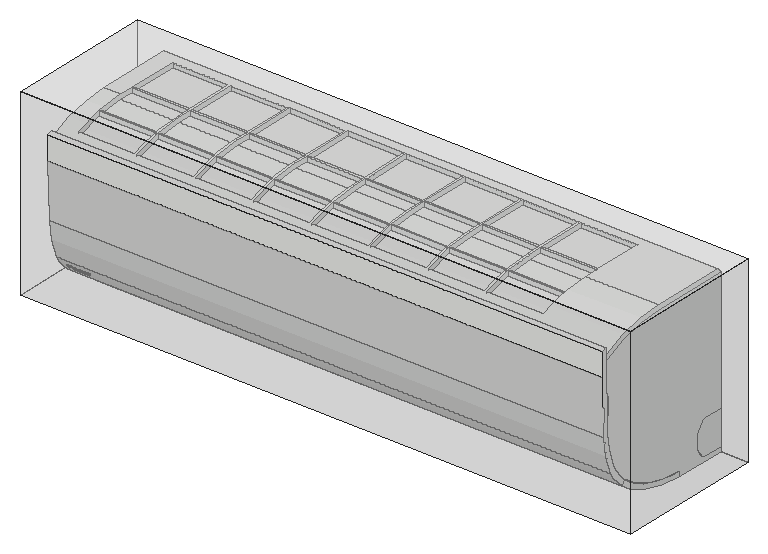
Revit family "outputfile", category 機械設備, Revit 2024
Family settings
  丸型コネクタ寸法 = 半径を使用
  パーツ タイプ = 標準
  OmniClass 番号 = 23.75.10.24.21.27.27
  OmniClass タイトル = Split System Air Conditioning Units
  作業面ベース = いいえ
  常に垂直 = はい
  ロード時にボイドで切り取り = いいえ
  注釈の向きを維持 = いいえ
  共有 = いいえ
  部屋計算ポイント = いいえ
Parameters (values of type "CTXM71RVMV")
  Description = ""
  書き出し IFC クラス(タイプ) = "IfcUnitaryEquipmentType"
  定義済み IFC タイプ(タイプ) = "AIRCONDITIONINGUNIT"
  Cost = 0
  Type Comments = ""
  Keynote = ""
  Type Image = (empty or 0)
  Assembly Code = ""
  w_wall hole = if(Width = 770.0 mm, 48.0 mm, 60.0 mm)  # 60.0 mm
  製造元 = "Daikin"
  モデル = "CTXM71RVMV"
  switch_frequency = yes
  r_Liquid Pipe Size = Liquid Pipe Size / 2  # 3.2 mm
  r_Gas Pipe Size = Gas Pipe Size / 2  # 7.95 mm
  r_Drain Pipe Size = Drain Pipe Size / 2  # 8.0 mm
  lw_powersupply [instance] = if(Width = 770.0 mm, if(or(Rear Right Connection_refrigerant, Bottom Right Connection_refrigerant), 25.0 mm, if(or(Rear Left Connection_refrigerant, Bottom Left Connection_refrigerant), 745.0 mm, 400.0 mm)), if(Width = 990.0 mm, if(or(Rear Right Connection_refrigerant, Bottom Right Connection_refrigerant), 40.0 mm, if(or(Rear Left Connection_refrigerant, Bottom Left Connection_refrigerant), 920.0 mm, 400.0 mm)), if(or(Rear Right Connection_refrigerant, Bottom Right Connection_refrigerant), 40.0 mm, if(or(Rear Left Connection_refrigerant, Bottom Left Connection_refrigerant), 920.0 mm, 400.0 mm))))  # 400.0 mm
  lw_liquidpipe [instance] = if(Width = 770.0 mm, if(or(Rear Right Connection_refrigerant, Bottom Right Connection_refrigerant), 0.0 mm, if(or(Rear Left Connection_refrigerant, Bottom Left Connection_refrigerant), 664.0 mm, 385.0 mm)), if(Width = 990.0 mm, if(or(Rear Right Connection_refrigerant, Bottom Right Connection_refrigerant), 0.0 mm, if(or(Rear Left Connection_refrigerant, Bottom Left Connection_refrigerant), 664.0 mm + (990.0 mm - 770.0 mm), 475.0 mm)), if(or(Rear Right Connection_refrigerant, Bottom Right Connection_refrigerant), 0.0 mm, if(or(Rear Left Connection_refrigerant, Bottom Left Connection_refrigerant), 664.0 mm + (990.0 mm - 770.0 mm), 475.0 mm))))  # 475.0 mm
  lw_gaspipe [instance] = if(Width = 770.0 mm, if(or(Rear Right Connection_refrigerant, Bottom Right Connection_refrigerant), 0.0 mm, if(or(Rear Left Connection_refrigerant, Bottom Left Connection_refrigerant), 675.0 mm, if(Gas Pipe Size = 12.7 mm, 345.0 mm, 335.0 mm))), if(Width = 990.0 mm, if(or(Rear Right Connection_refrigerant, Bottom Right Connection_refrigerant), 10.0 mm, if(or(Rear Left Connection_refrigerant, Bottom Left Connection_refrigerant), 890.0 mm, if(Gas Pipe Size = 15.9 mm, 410.0 mm, 400.0 mm))), if(or(Rear Right Connection_refrigerant, Bottom Right Connection_refrigerant), 10.0 mm, if(or(Rear Left Connection_refrigerant, Bottom Left Connection_refrigerant), 890.0 mm, if(Gas Pipe Size = 15.9 mm, 410.0 mm, 400.0 mm)))))  # 410.0 mm
  lw_drainpipe [instance] = if(Width = 770.0 mm, if(or(Rear Right Connection_refrigerant, Bottom Right Connection_refrigerant), 0.0 mm, if(or(Rear Left Connection_refrigerant, Bottom Left Connection_refrigerant), 770.0 mm - 48.0 mm - 48.0 mm, 440.0 mm)), if(Width = 990.0 mm, if(or(Rear Right Connection_refrigerant, Bottom Right Connection_refrigerant), 0.0 mm, if(or(Rear Left Connection_refrigerant, Bottom Left Connection_refrigerant), 675.0 mm + (990.0 mm - 770.0 mm), 435.0 mm)), if(or(Rear Right Connection_refrigerant, Bottom Right Connection_refrigerant), 0.0 mm, if(or(Rear Left Connection_refrigerant, Bottom Left Connection_refrigerant), 675.0 mm + (990.0 mm - 770.0 mm), 435.0 mm))))  # 435.0 mm
  l_powersupply_length [instance] = if(Width = 770.0 mm, if(Right Connection_refrigerant, 400.0 mm, if(Left Connection_refrigerant, 770.0 mm - 400.0 mm, if(or(Rear Left Connection_refrigerant, Rear Right Connection_refrigerant), 15.0 mm, 50.0 mm))), if(Width = 990.0 mm, if(Right Connection_refrigerant, 400.0 mm, if(Left Connection_refrigerant, 990.0 mm - 400.0 mm, if(or(Rear Left Connection_refrigerant, Rear Right Connection_refrigerant), 15.0 mm, 50.0 mm))), if(Right Connection_refrigerant, 400.0 mm, if(Left Connection_refrigerant, 990.0 mm - 400.0 mm, if(or(Rear Left Connection_refrigerant, Rear Right Connection_refrigerant), 15.0 mm, 50.0 mm)))))  # 400.0 mm
  l_liquidpipe_length [instance] = if(Width = 770.0 mm, if(Right Connection_refrigerant, 433.0 mm, if(Left Connection_refrigerant, 337.0 mm, if(or(Rear Left Connection_refrigerant, Rear Right Connection_refrigerant), 30.0 mm, 40.0 mm))), if(Width = 990.0 mm, if(Right Connection_refrigerant, 535.0 mm, if(Left Connection_refrigerant, 455.0 mm, if(or(Rear Left Connection_refrigerant, Rear Right Connection_refrigerant), 30.0 mm, 40.0 mm))), if(Right Connection_refrigerant, 535.0 mm, if(Left Connection_refrigerant, 455.0 mm, if(or(Rear Left Connection_refrigerant, Rear Right Connection_refrigerant), 30.0 mm, 40.0 mm)))))  # 535.0 mm
  l_gaspipe_length [instance] = if(Width = 770.0 mm, if(Right Connection_refrigerant, if(Gas Pipe Size = 12.7 mm, 393.0 mm, 383.0 mm), if(Left Connection_refrigerant, if(Gas Pipe Size = 12.7 mm, 770.0 mm - 393.0 mm, 770.0 mm - 383.0 mm), if(or(Rear Left Connection_refrigerant, Rear Right Connection_refrigerant), 40.0 mm, 50.0 mm))), if(Width = 990.0 mm, if(Right Connection_refrigerant, if(Gas Pipe Size = 15.9 mm, 470.0 mm, 460.0 mm), if(Left Connection_refrigerant, if(Gas Pipe Size = 15.9 mm, 990.0 mm - 470.0 mm, 990.0 mm - 460.0 mm), if(or(Rear Left Connection_refrigerant, Rear Right Connection_refrigerant), 40.0 mm, 50.0 mm))), if(Right Connection_refrigerant, if(Gas Pipe Size = 15.9 mm, 470.0 mm, 460.0 mm), if(Left Connection_refrigerant, if(Gas Pipe Size = 15.9 mm, 990.0 mm - 470.0 mm, 990.0 mm - 460.0 mm), if(or(Rear Left Connection_refrigerant, Rear Right Connection_refrigerant), 40.0 mm, 50.0 mm)))))  # 470.0 mm
  l_drainpipe_length [instance] = if(Width = 770.0 mm, if(Right Connection_refrigerant, 488.0 mm, if(Left Connection_refrigerant, 282.0 mm, if(or(Rear Left Connection_refrigerant, Rear Right Connection_refrigerant), 15.0 mm, 20.0 mm))), if(Width = 990.0 mm, if(Right Connection_refrigerant, 495.0 mm, if(Left Connection_refrigerant, 495.0 mm, if(or(Rear Left Connection_refrigerant, Rear Right Connection_refrigerant), 15.0 mm, 20.0 mm))), if(Right Connection_refrigerant, 495.0 mm, if(Left Connection_refrigerant, 495.0 mm, if(or(Rear Left Connection_refrigerant, Rear Right Connection_refrigerant), 15.0 mm, 20.0 mm)))))  # 495.0 mm
  h*** = 0.0 mm  # constant formula
  connector_voltage = Voltage_50Hz  # 230 V
  connector_powerinput = if([Power Input (Cooling)] > [Power Input (Heating)], [Power Input (Cooling)], [Power Input (Heating)])  # 0.000 kW
  connector_phase = Phase_50Hz  # 1
  angle_vertical [instance] = if(or(Bottom Left Connection_refrigerant, Bottom Right Connection_refrigerant), 0.00°, 90.00°)  # 90.00°
  angle_horizontal [instance] = if(Right Connection_refrigerant, 90.00°, if(Left Connection_refrigerant, -90.00°, if(or(Rear Left Connection_refrigerant, Rear Right Connection_refrigerant), 180.00°, 0.00°)))  # 90.00°
  Width = 990.0 mm
  Voltage_comment_50Hz = "220 - 240"
  Voltage_50Hz = 230 V
  Version = "ver.1.0"
  Unit Type = "Wall Mounted"
  Unit Mass Weight = 13.00 kg
  Unit Designation [instance] = ""
  Uniclass2015Version = "Products v1.30"
  Uniclass2015Title = "Split coil room air conditioning units"
  Uniclass2015Code = "Pr_70_65_03_86"
  URL = ""
  Total Heating Capacity [instance] = 0.000 kW
  Total Cooling Capacity [instance] = 0.000 kW
  Sound Pressure Level_M speed (dBA) = 45
  Sound Pressure Level_L speed (dBA) = 37
  Sound Pressure Level_H speed (dBA) = 49
  Sound Power Level_H speed (dB) = 0
  Series = "Multi Split_Fan Coil Unit"
  Sensible Cooling Capacity [instance] = 0.000 kW
  Refrigerant Type = "R32"
  Power Input (Heating) = 0.000 kW
  Power Input (Cooling) = 0.000 kW
  Phase_50Hz = 1
  Option Accessory 3 [instance] = ""
  Option Accessory 2 [instance] = ""
  Option Accessory 1 [instance] = ""
  Nominal Heating Capacity = 8.600 kW
  Nominal Cooling Capacity = 7.100 kW
  Minimum Circuit Amps_50Hz = 0.0 A
  Minimum Airflow = 798.00 m³/h
  Median Airflow = 1010.00 m³/h
  Maximum Fuse Amps_50Hz = 0.0 A
  Maximum Airflow = 1200.00 m³/h
  Material_Casing = DAIKIN_White_Casing_indoorunit
  Load Classification = HVAC
  Liquid Pipe Size = 6.4 mm
  Link_Nested Family [instance] = ""
  IfcVersion = ""
  IfcExportType = "AIRCONDITIONINGUNIT"
  IfcExportAs = "IfcUnitaryEquipmentType"
  Height = 295.0 mm
  Heating Entering Wet Bulb Temperature [instance] = 0.00 °C
  Heating Entering Dry Bulb Temperature [instance] = 0.00 °C
  Heating Ambient Wet Bulb Temperature [instance] = 0.00 °C
  Heating Ambient Dry Bulb Temperature [instance] = 0.00 °C
  Heat Exchanger Type = "Cross Fin Coil"
  Gas Pipe Size = 15.9 mm
  Frequency_50Hz = 50 Hz
  Fan Type = "Cross Flow Fan"
  Fan Drive = "Direct Drive"
  FCU Tag No. [instance] = ""
  Drain Pipe Size = 16.0 mm
  Design Supply Airflow [instance] = 0.00 m³/h
  Depth = 263.0 mm
  既定の高さ = 0.0 mm
  Cooling Entering Wet Bulb Temperature [instance] = 0.00 °C
  Cooling Entering Dry Bulb Temperature [instance] = 0.00 °C
  Cooling Ambient Wet Bulb Temperature [instance] = 0.00 °C
  Cooling Ambient Dry Bulb Temperature [instance] = 0.00 °C
  Clearance visibility [instance] = yes
  Clearance Top = 30.0 mm
  Clearance Right = 50.0 mm
  Clearance Rear = 0.0 mm
  Clearance Left = 50.0 mm
  Clearance Front = 0.0 mm
  Clearance Bottom = 0.0 mm
  Bottom Right Connection_refrigerant [instance] = no
  Bottom Left Connection_refrigerant [instance] = no
  Rear Right Connection_refrigerant [instance] = no
  Rear Left Connection_refrigerant [instance] = no
  Right Connection_refrigerant [instance] = yes
  Left Connection_refrigerant [instance] = no
Reference planes
  plane 1 "Back": y = 0
  plane 2: z = 0
  plane 3 "Center (Left/Right)": x = 0
  plane 4 "Center (Front/Back)": y = -131.5
  plane 5 "Front": y = -263
  plane 6 "Left": x = -495
  plane 7 "Right": x = 495
  plane 8 "Top": z = 0
  plane 9 "Bottom": z = -295
  plane 10: x = -545
  plane 11: x = 545
  plane 12: y = 0
  plane 13: y = -263
  plane 14: z = 30
  plane 15: z = -295
  plane 16 "lw_Piping and Wiring intake": x = 435
  plane 17 "lw_gaspipe": x = 25
  plane 18 "lw_liquidpipe": x = -40
  plane 19 "lw_drainpipe": x = 0
  plane 20 "lh_drainpipe": z = -275
  plane 21 "lh_liquidpipe": z = -255
  plane 22 "lh_gaspipe": z = -245
  plane 23 "ld_drainpipe": y = -15
  plane 24 "ld_liquidpipe": y = -30
  plane 25 "ld_gaspipe": y = -40
  plane 26 "lw_powersupply": x = 95
Dimensions and locks
  equal spacing: plane 6 "Left", plane 3 "Center (Left/Right)", plane 7 "Right"
  "Width": plane 6 "Left" to plane 7 "Right"
  equal spacing: plane 5 "Front", plane 4 "Center (Front/Back)", plane 1 "Back"
  "Depth": plane 5 "Front" to plane 1 "Back"
  "Height": plane 8 "Top" to plane 9 "Bottom"
  "Clearance Rear": plane 12 to plane 1 "Back"
  "Clearance Front": plane 13 to plane 5 "Front"
  "Clearance Top": plane 14 to plane 8 "Top"
  "Clearance Bottom": plane 9 "Bottom" to plane 15
  "w_wall hole": plane 16 "lw_Piping and Wiring intake" to plane 7 "Right"
  "lw_gaspipe": plane 17 "lw_gaspipe" to plane 16 "lw_Piping and Wiring intake"
  "lw_liquidpipe": plane 18 "lw_liquidpipe" to plane 16 "lw_Piping and Wiring intake"
  "lw_drainpipe": plane 19 "lw_drainpipe" to plane 16 "lw_Piping and Wiring intake"
  locked: plane 20 "lh_drainpipe" to plane 9 "Bottom" at 20
  locked: plane 21 "lh_liquidpipe" to plane 9 "Bottom" at 40
  locked: plane 22 "lh_gaspipe" to plane 9 "Bottom" at 50
  locked: plane 23 "ld_drainpipe" to plane 1 "Back" at 15
  locked: plane 1 "Back" to plane 24 "ld_liquidpipe" at 30
  locked: plane 1 "Back" to plane 25 "ld_gaspipe" at 40
  "lw_powersupply": plane 26 "lw_powersupply" to plane 7 "Right"
  "Clearance Left": plane 10 to plane 6 "Left"
  "Clearance Right": plane 7 "Right" to plane 11
  aligned and locked: level to plane 2
  aligned and locked: plane 12 to nested 1
  aligned and locked: nested 1 to plane 13
  aligned and locked: plane 10 to nested 1
  aligned and locked: plane 11 to nested 1
  aligned and locked: plane 15 to nested 1
  aligned and locked: plane 14 to nested 1
  aligned and locked: plane 17 "lw_gaspipe" to nested 2
  aligned and locked: nested 2 to plane 25 "ld_gaspipe"
  aligned and locked: plane 18 "lw_liquidpipe" to nested 3
  aligned and locked: nested 3 to plane 24 "ld_liquidpipe"
  aligned and locked: plane 19 "lw_drainpipe" to nested 4
  aligned and locked: nested 4 to plane 23 "ld_drainpipe"
  aligned and locked: nested 5 to plane 23 "ld_drainpipe"
  aligned and locked: plane 26 "lw_powersupply" to nested 5
  aligned and locked: level to plane 8 "Top"
  aligned and locked: plane 3 "Center (Left/Right)" to nested 6
  aligned and locked: plane 1 "Back" to nested 6
  aligned and locked: plane 8 "Top" to nested 6
Nested families
  nested 1: "daikin_clearancespace" at (0, -131.5, -132.381), show <- "Clearance visibility", visible <- "Clearance visibility", Link_Nested Family <- "Link_Nested Family", type "daikin_clearancespace"
    with width 1090.0 mm, show yes, height 325.0 mm, depth 263.0 mm, Link_Nested Family ""
  nested 2: "daikin_connector_rotate3" at (25, -40, -245), angle_vertical <- "angle_vertical", angle_horizontal <- "angle_horizontal", length <- "l_gaspipe_length", radius <- "r_Gas Pipe Size", type "daikin_connector_rotate3"
    with show no, radius 7.95 mm, length 470.0 mm, angle_vertical 90.00°, angle_horizontal 90.00°
  nested 3: "daikin_connector_rotate3" at (-40, -30, -255), angle_vertical <- "angle_vertical", angle_horizontal <- "angle_horizontal", radius <- "r_Liquid Pipe Size", length <- "l_liquidpipe_length", type "daikin_connector_rotate3"
    with show no, radius 3.2 mm, length 535.0 mm, angle_vertical 90.00°, angle_horizontal 90.00°
  nested 4: "daikin_connector_rotate3" at (0, -15, -275), angle_vertical <- "angle_vertical", angle_horizontal <- "angle_horizontal", length <- "l_drainpipe_length", radius <- "r_Drain Pipe Size", type "daikin_connector_rotate3"
    with show no, radius 8.0 mm, length 495.0 mm, angle_vertical 90.00°, angle_horizontal 90.00°
  nested 5: "daikin_connector_rotate3" at (95, -15, -245), angle_vertical <- "angle_vertical", angle_horizontal <- "angle_horizontal", length <- "l_powersupply_length", type "daikin_connector_rotate3"
    with show no, radius 10.0 mm, length 400.0 mm, angle_vertical 90.00°, angle_horizontal 90.00°
  nested 6: "DAIKIN_indoorunit_CTXM-RVMV" at (-31, 0, 0), type "CTXM-RVMV"
    with switch_unit1_50-71 yes, switch_unit1_25-35 no, Width 990.0 mm, WALL HOLE-R 60.0 mm, WALL HOLE Size 80.0 mm, Height 295.0 mm
Connectors
  piping at (495, -40, -245), diameter 15.9, driven by "r_Gas Pipe Size"
    settings: on nested 2, index 1, connector inside diameter 609.6 mm, connector length 0.0 mm, flow factor 0, pipe flow 0.00 m³/h, pressure drop 0.0 Pa, fitting loss kfactor 0, connector angle 0.00°, fixture units 0, engagement length 0.0 mm, angle of deflection 0.00°, flow configuration 1, flow direction 2, fitting loss method 0, system type 29, joint type 0, gender type 0, connector reference index -1, connector utility 0, adjustable connector no, is connector primary yes, connector description "Refrigerant Gas Piping"
  piping at (495, -30, -255), diameter 6.4, driven by "r_Liquid Pipe Size"
    settings: on nested 3, index 2, connector inside diameter 609.6 mm, connector length 0.0 mm, flow factor 0, pipe flow 0.00 m³/h, pressure drop 0.0 Pa, fitting loss kfactor 0, connector angle 0.00°, fixture units 0, engagement length 0.0 mm, angle of deflection 0.00°, flow configuration 1, flow direction 1, fitting loss method 0, system type 29, joint type 0, gender type 0, connector reference index -1, connector utility 0, adjustable connector no, is connector primary no, connector description "Refrigerant Liquid Piping"
  piping at (495, -15, -275), diameter 16, driven by "r_Drain Pipe Size"
    settings: on nested 4, index 3, connector inside diameter 609.6 mm, connector length 0.0 mm, flow factor 0, pipe flow 0.00 m³/h, pressure drop 0.0 Pa, fitting loss kfactor 0, connector angle 0.00°, fixture units 0, engagement length 0.0 mm, angle of deflection 0.00°, flow configuration 1, flow direction 2, fitting loss method 4, system type 16, joint type 0, gender type 0, connector reference index -1, connector utility 0, adjustable connector no, is connector primary no, connector description "Condensate Drain Piping"
  electrical at (495, -15, -245), driven by "Load Classification", driven by "connector_voltage", driven by "connector_powerinput", driven by "connector_phase"
    settings: on nested 5, index 4, voltage 230 V, apparent load 0 VA, apparent load phase1 0 VA, apparent load phase2 0 VA, apparent load phase3 0 VA, power factor 1, load classification "HVAC", number of poles 1, system type 30, power factor state 1, is connector primary yes, connector utility no, sub classification motor no, connector description "Power Supply"
Definition of nested family "daikin_clearancespace"
  Parameters (values of type "daikin_clearancespace")
    Description = "daikin_clearancespace"
    width [instance] = 1823.963 mm
    show [instance] = yes
    material = none
    height [instance] = 1359.762 mm
    depth [instance] = 880.0 mm
    Default Elevation = 0.0 mm
    Link_Nested Family [instance] = ""
  Reference planes
    plane 1 "Center (Front/Back)": y = 0
    plane 2 "Center (Elevation)": z = -0.119
    plane 3 "Center (Left/Right)": x = 0
    plane 4: y = 440
    plane 5: y = -440
    plane 6 "Right": x = 911.982
    plane 7 "Left": x = -911.982
    plane 8 "Top": z = 679.762
    plane 9 "Bottom": z = -680
  Forms (mm)
    Extrusion 1, solid, material <- "material", visible <- "show"
      sketch origin (0, 0, 0) x (1, 0, 0) y (0, 1, 0)
        loop
          line (-911.982, 440) -> (-911.982, -440) -> (911.982, -440) -> (911.982, 440) -> (-911.982, 440)
      from -680 to 679.762
  Lines and regions (mm)
    symbolic lines, visible <- "show"
      curve 1: line (911.982, 440, 0) -> (-911.982, 440, 0)
      curve 2: line (-911.982, 440, 0) -> (-911.982, -440, 0)
      curve 3: line (-911.982, -440, 0) -> (911.982, -440, 0)
      curve 4: line (911.982, -440, 0) -> (911.982, 440, 0)
      curve 5: line (911.982, 0, 679.762) -> (-911.982, 0, 679.762)
      curve 6: line (911.982, 0, -680) -> (911.982, 0, 679.762)
      curve 7: line (-911.982, 0, -680) -> (911.982, 0, -680)
      curve 8: line (-911.982, 0, 679.762) -> (-911.982, 0, -680)
      curve 9: line (0, 440, 679.762) -> (0, -440, 679.762)
      curve 10: line (0, -440, 679.762) -> (0, -440, -680)
      curve 11: line (0, 440, -680) -> (0, 440, 679.762)
      curve 12: line (0, -440, -680) -> (0, 440, -680)
  Dimensions and locks
    "width": plane 7 "Left" to plane 6 "Right"
    "depth": plane 4 to plane 5
    "height": plane 8 "Top" to plane 9 "Bottom"
    equal spacing: plane 7 "Left", plane 3 "Center (Left/Right)", plane 6 "Right"
    equal spacing: plane 4, plane 1 "Center (Front/Back)", plane 5
    equal spacing: plane 8 "Top", plane 2 "Center (Elevation)", plane 9 "Bottom"
    aligned and locked: level to plane 2 "Center (Elevation)"
    aligned and locked: Extrusion 1 sketch curve to plane 4
    aligned and locked: plane 7 "Left" to Extrusion 1 sketch curve
    aligned and locked: Extrusion 1 sketch curve to plane 5
    aligned and locked: Extrusion 1 sketch curve to plane 6 "Right"
    aligned and locked: plane 8 "Top" to Extrusion 1
    aligned and locked: curve 1 to Extrusion 1
    aligned and locked: curve 2 to Extrusion 1
    aligned and locked: curve 3 to Extrusion 1
    aligned and locked: curve 4 to Extrusion 1
    aligned and locked: curve 5 to Extrusion 1
    aligned and locked: curve 6 to Extrusion 1
    aligned and locked: curve 7 to Extrusion 1
    aligned and locked: curve 8 to Extrusion 1
    aligned and locked: curve 9 to Extrusion 1
    aligned and locked: curve 10 to Extrusion 1
    aligned and locked: curve 11 to Extrusion 1
    aligned and locked: curve 12 to Extrusion 1
    aligned and locked: Extrusion 1 to plane 9 "Bottom"
Definition of nested family "DAIKIN_indoorunit_CTXM-RVMV"
  Parameters (values of type "CTKM-RVMV")
    switch_unit1_50-71 = Width = 990.0 mm  # no
    switch_unit1_25-35 = Width = 770.0 mm  # yes
    Width = 770.0 mm
    WALL HOLE-R = if(Width = 770.0 mm, 48.0 mm, 60.0 mm)  # 48.0 mm
    WALL HOLE Size = if(Width = 770.0 mm, 65.0 mm, 80.0 mm)  # 65.0 mm
    Material_Casing = none
    Height = if(Width = 770.0 mm, 285.0 mm, 295.0 mm)  # 285.0 mm
    Default Elevation = 0.0 mm
  Reference planes
    plane 1 "Center (Front/Back)": y = 0
    plane 2 "reference_level": z = 0
    plane 3 "Center (Left/Right)": x = 31
    plane 4: x = -354
    plane 5: x = 416
    plane 6: z = -285
  Forms (mm)
    Extrusion 1, solid, material <- "Material_Casing", visible <- "switch_unit1_25-35"
      sketch origin (29, 0, 0) x (0, 1, 0) y (0, 0, 1)
        loop
          line (-5, 0) -> (-98, 0)
          arc (-98, 0) -> (-157.611, -7.211) -> (-213.783, -28.427) r 250
          arc (-213.783, -28.427) -> (-213.842, -32.972) -> (-213.892, -37.516) r 2191
          arc (-213.892, -37.516) -> (-157.832, -15.495) -> (-98.07, -8) r 242
          line (-98.07, -8) -> (0, -8) -> (-5, 0)
      from -383 to 387
    Extrusion 2, solid, material <- "Material_Casing", visible <- "switch_unit1_25-35"
      sketch origin (416, 1296.25, 1200) x (0, 1, 0) y (0, 0, 1)
        loop
          line (-1472.998, -1446.91) -> (-1476.998, -1453.839)
          arc (-1476.998, -1453.839) -> (-1437.481, -1472.422) -> (-1395.25, -1483.538) r 240
          line (-1395.25, -1483.538) -> (-1395.25, -1475.422)
          arc (-1395.25, -1475.422) -> (-1435.407, -1464.663) -> (-1472.998, -1446.91) r 232
      from 0 to -47.5
    Extrusion 3, solid, material <- "Material_Casing", visible <- "switch_unit1_25-35"
      sketch origin (29, 0, 0) x (0, 1, 0) y (0, 0, 1)
        loop
          arc (-223, -60.455) -> (-222.414, -110.646) -> (-220.656, -160.81) r 2149.92
          arc (-220.656, -160.81) -> (-219.65, -174.299) -> (-217.853, -187.706) r 229.911
          arc (-217.853, -187.706) -> (-205.371, -223.594) -> (-181.517, -253.17) r 111
          line (-181.517, -253.17) -> (-177.429, -246.093)
          arc (-177.429, -246.093) -> (-198.77, -218.989) -> (-209.965, -186.36) r 103
          arc (-209.965, -186.36) -> (-211.681, -173.586) -> (-212.651, -160.735) r 221.844
          arc (-212.651, -160.735) -> (-214.739, -93.233) -> (-214.74, -25.699) r 2186.828
          arc (-214.74, -25.699) -> (-214.671, -21.467) -> (-214.594, -17.235) r 2192
          line (-214.594, -17.235) -> (-223, -19.961) -> (-223, -60.455)
      from -383 to 387
    Extrusion 4, solid, material <- "Material_Casing", visible <- "switch_unit1_25-35"
      sketch origin (29, 0, -20) x (0, 1, 0) y (0, 0, 1)
        loop
          line (0, -265) -> (0, 12) -> (-98.07, 12)
          arc (-98.07, 12) -> (-157.832, 4.505) -> (-213.892, -17.516) r 242
          arc (-213.892, -17.516) -> (-213.638, -79.114) -> (-211.653, -140.681) r 2191
          arc (-211.653, -140.681) -> (-210.685, -153.501) -> (-208.973, -166.243) r 221
          arc (-208.973, -166.243) -> (-197.471, -199.282) -> (-175.482, -226.491) r 102
          arc (-175.482, -226.491) -> (-138.004, -244.019) -> (-98, -254.579) r 231
          line (-98, -254.579) -> (-98, -265) -> (0, -265)
      from -383 to 387
    Extrusion 5, solid, material <- "Material_Casing", visible <- "switch_unit1_25-35"
      sketch origin (-354, 1296.25, 1200) x (0, 1, 0) y (0, 0, 1)
        loop
          line (-1472.998, -1446.91) -> (-1476.998, -1453.839)
          arc (-1476.998, -1453.839) -> (-1437.481, -1472.422) -> (-1395.25, -1483.538) r 240
          line (-1395.25, -1483.538) -> (-1395.25, -1475.422)
          arc (-1395.25, -1475.422) -> (-1435.407, -1464.663) -> (-1472.998, -1446.91) r 232
      from 47 to 0
    Extrusion 6, solid, material <- "Material_Casing", visible <- "switch_unit1_25-35"
      sketch origin (416, 1296.25, 1200) x (0, 1, 0) y (0, 0, 1)
        loop
          line (-1472.998, -1446.91) -> (-1476.998, -1453.839)
          arc (-1476.998, -1453.839) -> (-1443.437, -1470.168) -> (-1407.75, -1481.097) r 240
          line (-1407.75, -1481.097) -> (-1407.75, -1472.894)
          arc (-1407.75, -1472.894) -> (-1441.363, -1462.385) -> (-1472.998, -1446.91) r 232
      from -116.993 to -48.493
    Extrusion 7, solid, material <- "Material_Casing", visible <- "switch_unit1_25-35"
      sketch origin (416, 1296.25, 1200) x (0, 1, 0) y (0, 0, 1)
        loop
          line (-1472.998, -1446.91) -> (-1476.998, -1453.839)
          arc (-1476.998, -1453.839) -> (-1443.437, -1470.168) -> (-1407.75, -1481.097) r 240
          line (-1407.75, -1481.097) -> (-1407.75, -1472.894)
          arc (-1407.75, -1472.894) -> (-1441.363, -1462.385) -> (-1472.998, -1446.91) r 232
      from -717 to -121.993
    Extrusion 8, void
      sketch origin (31, 0, -235) x (1, 0, 0) y (0, 1, 0)
        loop
          line (-252.674, -22.316) -> (-354.941, -22.316) -> (-354.941, -91.341) -> (-252.674, -91.341) -> (-252.674, -22.316)
        loop
          line (-249.341, -91.341) -> (-151.574, -91.341) -> (-151.574, -22.316) -> (-249.341, -22.316) -> (-249.341, -91.341)
        loop
          line (58.309, -22.316) -> (-148.309, -22.316) -> (-148.309, -91.341) -> (58.309, -91.341) -> (58.309, -22.316)
        loop
          line (61.689, -22.316) -> (61.689, -91.341) -> (159.457, -91.341) -> (159.457, -22.316) -> (61.689, -22.316)
        loop
          line (162.789, -22.316) -> (162.789, -91.341) -> (265.057, -91.341) -> (265.057, -22.316) -> (162.789, -22.316)
        loop
          line (-354.941, -94.659) -> (-354.941, -165.259) -> (-252.674, -165.259) -> (-252.674, -94.659) -> (-354.941, -94.659)
        loop
          line (-249.341, -94.659) -> (-249.341, -165.259) -> (-151.574, -165.259) -> (-151.574, -94.659) -> (-249.341, -94.659)
        loop
          line (-148.309, -94.659) -> (-148.309, -165.259) -> (58.309, -165.259) -> (58.309, -94.659) -> (-148.309, -94.659)
        loop
          line (61.689, -94.659) -> (61.689, -165.259) -> (159.457, -165.259) -> (159.457, -94.659) -> (61.689, -94.659)
        loop
          line (162.789, -94.659) -> (162.789, -165.259) -> (265.057, -165.259) -> (265.057, -94.659) -> (162.789, -94.659)
        loop
          line (-354.941, -167.382) -> (-354.941, -192.681) -> (-252.674, -192.681) -> (-252.674, -167.382) -> (-354.941, -167.382)
        loop
          line (-249.341, -167.382) -> (-249.341, -192.681) -> (-151.574, -192.681) -> (-151.574, -167.382) -> (-249.341, -167.382)
        loop
          line (-148.309, -167.382) -> (-148.309, -192.681) -> (58.309, -192.681) -> (58.309, -167.382) -> (-148.309, -167.382)
        loop
          line (159.457, -167.382) -> (61.689, -167.382) -> (61.689, -192.681) -> (159.457, -192.681) -> (159.457, -167.382)
        loop
          line (265.057, -167.382) -> (162.789, -167.382) -> (162.789, -192.681) -> (265.057, -192.681) -> (265.057, -167.382)
      from 201.638 to 250
    Extrusion 9, solid, material <- "Material_Casing"
      sketch origin (31, 0, 0) x (1, 0, 0) y (0, 0, 1)
        loop
          circle (337, -240.5) r 32.5
        loop
          circle (-337, -240.5) r 32.5
      from 0 to 5
    Extrusion 10, solid, material <- "Material_Casing", visible <- "switch_unit1_25-35"
      sketch origin (416, 1296.25, 1200) x (0, -1, 0) y (0, 0, 1)
        loop
          line (1326.25, -1417) -> (1296.25, -1417) -> (1296.25, -1477) -> (1326.25, -1477)
          arc (1326.25, -1477) -> (1340.393, -1471.142) -> (1346.25, -1457) r 20
          line (1346.25, -1457) -> (1346.25, -1437)
          arc (1346.25, -1437) -> (1340.393, -1422.858) -> (1326.25, -1417) r 20
      from 0 to 5
    Extrusion 11, solid, material <- "Material_Casing", visible <- "switch_unit1_25-35"
      sketch origin (-354, 1296.25, 1200) x (0, 1, 0) y (0, 0, 1)
        loop
          line (-1296.25, -1417) -> (-1326.25, -1417)
          arc (-1326.25, -1417) -> (-1340.393, -1422.858) -> (-1346.25, -1437) r 20
          line (-1346.25, -1437) -> (-1346.25, -1457)
          arc (-1346.25, -1457) -> (-1340.393, -1471.142) -> (-1326.25, -1477) r 20
          line (-1326.25, -1477) -> (-1296.25, -1477) -> (-1296.25, -1417)
      from 0 to 5
    Extrusion 12, solid, material <- "Material_Casing", visible <- "switch_unit1_25-35"
      sketch origin (31, 0, -285) x (-1, 0, 0) y (0, -1, 0)
        loop
          line (-314, 0) -> (-314, 30)
          arc (-314, 30) -> (-319.858, 44.142) -> (-334, 50) r 20
          line (-334, 50) -> (-354, 50)
          arc (-354, 50) -> (-368.142, 44.142) -> (-374, 30) r 20
          line (-374, 30) -> (-374, 0) -> (-314, 0)
        loop
          line (374, 0) -> (374, 30)
          arc (374, 30) -> (368.142, 44.142) -> (354, 50) r 20
          line (354, 50) -> (334, 50)
          arc (334, 50) -> (319.858, 44.142) -> (314, 30) r 20
          line (314, 30) -> (314, 0) -> (374, 0)
      from 0 to 5
    Extrusion 13, solid, material <- "Material_Casing", visible <- "switch_unit1_50-71"
      sketch origin (31, 0, 0) x (0, 1, 0) y (0, 0, 1)
        loop
          line (-5, 0) -> (-138, 0)
          arc (-138, 0) -> (-197.611, -7.211) -> (-253.783, -28.427) r 250
          arc (-253.783, -28.427) -> (-253.838, -32.687) -> (-253.886, -36.946) r 2191
          arc (-253.886, -36.946) -> (-197.73, -15.346) -> (-138.014, -8) r 246.393
          line (-138.014, -8) -> (0, -8) -> (-5, 0)
      from -495 to 495
    Extrusion 14, solid, material <- "Material_Casing", visible <- "switch_unit1_50-71"
      sketch origin (418, 1296.25, 1200) x (0, 1, 0) y (0, 0, 1)
        loop
          arc (-1515.208, -1454.149) -> (-1506.856, -1460.599) -> (-1497.925, -1466.219) r 110
          arc (-1497.925, -1466.219) -> (-1445.718, -1487.493) -> (-1389.844, -1494.995) r 223
          line (-1389.844, -1494.995) -> (-1389.844, -1486.086) -> (-1404.386, -1486.086)
          arc (-1404.386, -1486.086) -> (-1449.542, -1477.46) -> (-1491.818, -1459.402) r 214.289
          arc (-1491.818, -1459.402) -> (-1501.056, -1453.541) -> (-1509.606, -1446.715) r 101
          line (-1509.606, -1446.715) -> (-1515.208, -1454.149)
      from 108 to 57.5
    Extrusion 15, solid, material <- "Material_Casing", visible <- "switch_unit1_50-71"
      sketch origin (31, 0, 0) x (0, 1, 0) y (0, 0, 1)
        loop
          line (-263, -19.962) -> (-263, -61.6)
          arc (-263, -61.6) -> (-262.414, -110.219) -> (-260.656, -158.81) r 2017.341
          arc (-260.656, -158.81) -> (-255.648, -191.935) -> (-244.041, -223.362) r 164.725
          arc (-244.041, -223.362) -> (-233.569, -239.793) -> (-219.717, -253.495) r 87.379
          line (-219.717, -253.495) -> (-214.706, -246.846)
          arc (-214.706, -246.846) -> (-229.564, -230.029) -> (-240.385, -210.371) r 102
          arc (-240.385, -210.371) -> (-249.049, -182.962) -> (-252.848, -154.467) r 165.789
          arc (-252.848, -154.467) -> (-254.771, -90.102) -> (-254.74, -25.708) r 2122.533
          arc (-254.74, -25.708) -> (-254.671, -21.469) -> (-254.594, -17.23) r 2192
          line (-254.594, -17.23) -> (-263, -19.962)
      from -495 to 495
    Extrusion 16, void
      sketch origin (33, 0, 0) x (1, 0, 0) y (0, 1, 0)
        loop
          line (-466.909, -22.316) -> (-466.909, -111.341) -> (-366.303, -111.341) -> (-366.303, -22.316) -> (-466.909, -22.316)
        loop
          line (-362.71, -22.316) -> (-362.71, -111.341) -> (-262.103, -111.341) -> (-262.103, -22.316) -> (-362.71, -22.316)
        loop
          line (-258.51, -22.316) -> (-258.51, -111.341) -> (-157.904, -111.341) -> (-157.904, -22.316) -> (-258.51, -22.316)
        loop
          line (-154.31, -22.316) -> (-154.31, -111.341) -> (-53.704, -111.341) -> (-53.704, -22.316) -> (-154.31, -22.316)
        loop
          line (-50.11, -22.316) -> (-50.11, -111.341) -> (50.496, -111.341) -> (50.496, -22.316) -> (-50.11, -22.316)
        loop
          line (54.089, -22.316) -> (54.089, -111.341) -> (154.696, -111.341) -> (154.696, -22.316) -> (54.089, -22.316)
        loop
          line (158.289, -22.316) -> (158.289, -111.341) -> (258.895, -111.341) -> (258.895, -22.316) -> (158.289, -22.316)
        loop
          line (262.489, -22.316) -> (262.489, -111.341) -> (363.095, -111.341) -> (363.095, -22.316) -> (262.489, -22.316)
        loop
          line (-466.909, -114.459) -> (-466.909, -185.059) -> (-366.303, -185.059) -> (-366.303, -114.459) -> (-466.909, -114.459)
        loop
          line (-362.71, -114.459) -> (-362.71, -185.059) -> (-262.103, -185.059) -> (-262.103, -114.459) -> (-362.71, -114.459)
        loop
          line (-258.51, -114.459) -> (-258.51, -185.059) -> (-157.904, -185.059) -> (-157.904, -114.459) -> (-258.51, -114.459)
        loop
          line (-154.31, -114.459) -> (-154.31, -185.059) -> (-53.704, -185.059) -> (-53.704, -114.459) -> (-154.31, -114.459)
        loop
          line (-50.11, -114.459) -> (-50.11, -185.059) -> (50.496, -185.059) -> (50.496, -114.459) -> (-50.11, -114.459)
        loop
          line (54.089, -114.459) -> (54.089, -185.059) -> (154.696, -185.059) -> (154.696, -114.459) -> (54.089, -114.459)
        loop
          line (158.289, -114.459) -> (158.289, -185.059) -> (258.895, -185.059) -> (258.895, -114.459) -> (158.289, -114.459)
        loop
          line (262.489, -114.459) -> (262.489, -185.059) -> (363.095, -185.059) -> (363.095, -114.459) -> (262.489, -114.459)
        loop
          line (-466.909, -187.382) -> (-466.909, -232.681) -> (-366.303, -232.681) -> (-366.303, -187.382) -> (-466.909, -187.382)
        loop
          line (-362.71, -187.382) -> (-362.71, -232.681) -> (-262.103, -232.681) -> (-262.103, -187.382) -> (-362.71, -187.382)
        loop
          line (-258.51, -187.382) -> (-258.51, -232.681) -> (-157.904, -232.681) -> (-157.904, -187.382) -> (-258.51, -187.382)
        loop
          line (-154.31, -187.382) -> (-154.31, -232.681) -> (-53.704, -232.681) -> (-53.704, -187.382) -> (-154.31, -187.382)
        loop
          line (-50.11, -187.382) -> (-50.11, -232.681) -> (50.496, -232.681) -> (50.496, -187.382) -> (-50.11, -187.382)
        loop
          line (54.089, -187.382) -> (54.089, -232.681) -> (154.696, -232.681) -> (154.696, -187.382) -> (54.089, -187.382)
        loop
          line (158.289, -187.382) -> (158.289, -232.681) -> (258.895, -232.681) -> (258.895, -187.382) -> (158.289, -187.382)
        loop
          line (262.489, -187.382) -> (262.489, -232.681) -> (363.095, -232.681) -> (363.095, -187.382) -> (262.489, -187.382)
      from -40.013 to 47.268
    Extrusion 17, solid, material <- "Material_Casing", visible <- "switch_unit1_50-71"
      sketch origin (-356, 1296.25, 1200) x (0, 1, 0) y (0, 0, -1)
        loop
          line (-1515.208, 1454.149) -> (-1509.606, 1446.715)
          arc (-1509.606, 1446.715) -> (-1501.056, 1453.541) -> (-1491.818, 1459.402) r 101
          arc (-1491.818, 1459.402) -> (-1449.542, 1477.46) -> (-1404.386, 1486.086) r 214.289
          line (-1404.386, 1486.086) -> (-1389.844, 1486.086) -> (-1389.844, 1494.995)
          arc (-1389.844, 1494.995) -> (-1445.718, 1487.493) -> (-1497.925, 1466.219) r 223
          arc (-1497.925, 1466.219) -> (-1506.856, 1460.599) -> (-1515.208, 1454.149) r 110
      from 108 to 61
    Extrusion 18, solid, material <- "Material_Casing", visible <- "switch_unit1_50-71"
      sketch origin (418, 1296.25, 1200) x (0, 1, 0) y (0, 0, 1)
        loop
          arc (-1515.208, -1454.149) -> (-1506.856, -1460.599) -> (-1497.925, -1466.219) r 110
          arc (-1497.925, -1466.219) -> (-1463.185, -1482.066) -> (-1426.25, -1491.755) r 223
          line (-1426.25, -1491.755) -> (-1426.25, -1483.166)
          arc (-1426.25, -1483.166) -> (-1460.008, -1473.969) -> (-1491.818, -1459.402) r 214.289
          arc (-1491.818, -1459.402) -> (-1501.056, -1453.541) -> (-1509.606, -1446.715) r 101
          line (-1509.606, -1446.715) -> (-1515.208, -1454.149)
      from 56.5 to -36.993
    Extrusion 19, solid, material <- "Material_Casing", visible <- "switch_unit1_50-71"
      sketch origin (418, 1296.25, 1200) x (0, 1, 0) y (0, 0, 1)
        loop
          arc (-1426.25, -1483.166) -> (-1443.442, -1479.224) -> (-1460.25, -1473.881) r 214.289
          line (-1460.25, -1473.881) -> (-1460.25, -1483.089)
          arc (-1460.25, -1483.089) -> (-1443.421, -1488.091) -> (-1426.25, -1491.755) r 223
          line (-1426.25, -1491.755) -> (-1426.25, -1483.166)
      from -43.493 to -828.893
    Extrusion 20, solid, material <- "Material_Casing", visible <- "switch_unit1_50-71"
      sketch origin (418, 1296.25, 1200) x (0, 1, 0) y (0, 0, 1)
        loop
          arc (-1515.208, -1454.149) -> (-1506.856, -1460.599) -> (-1497.925, -1466.219) r 110
          arc (-1497.925, -1466.219) -> (-1479.479, -1475.527) -> (-1460.25, -1483.089) r 223
          line (-1460.25, -1483.089) -> (-1460.25, -1473.881)
          arc (-1460.25, -1473.881) -> (-1476.328, -1467.282) -> (-1491.818, -1459.402) r 214.289
          arc (-1491.818, -1459.402) -> (-1501.056, -1453.541) -> (-1509.606, -1446.715) r 101
          line (-1509.606, -1446.715) -> (-1515.208, -1454.149)
      from -43.493 to -828.893
    Extrusion 21, solid, material <- "Material_Casing", visible <- "switch_unit1_50-71"
      sketch origin (31, 0, -30) x (0, 1, 0) y (0, 0, 1)
        loop
          line (0, 22) -> (-138.014, 22)
          arc (-138.014, 22) -> (-197.73, 14.654) -> (-253.886, -6.946) r 246.393
          arc (-253.886, -6.946) -> (-253.682, -65.635) -> (-251.855, -124.295) r 2120.935
          arc (-251.855, -124.295) -> (-248.086, -152.682) -> (-239.461, -179.988) r 164.789
          arc (-239.461, -179.988) -> (-228.903, -199.231) -> (-214.437, -215.738) r 101
          line (-214.437, -215.738) -> (-212.406, -216.221)
          arc (-212.406, -216.221) -> (-204.07, -222.837) -> (-195.079, -228.53) r 100
          arc (-195.079, -228.53) -> (-145.557, -248.629) -> (-92.593, -255.785) r 213.289
          line (-92.593, -255.785) -> (-92.593, -265) -> (0, -265) -> (0, 22)
      from -495 to 495
    Extrusion 22, solid, material <- "Material_Casing", visible <- "switch_unit1_50-71"
      sketch origin (526, 1296.25, 1200) x (0, -1, 0) y (0, 0, 1)
        loop
          line (1326.25, -1427.035) -> (1296.25, -1427.035) -> (1296.25, -1487.035) -> (1326.25, -1487.035)
          arc (1326.25, -1487.035) -> (1340.393, -1481.177) -> (1346.25, -1467.035) r 20
          line (1346.25, -1467.035) -> (1346.25, -1447.035)
          arc (1346.25, -1447.035) -> (1340.393, -1432.892) -> (1326.25, -1427.035) r 20
      from 0 to 5
    Extrusion 23, solid, material <- "Material_Casing", visible <- "switch_unit1_50-71"
      sketch origin (-459, 1296.25, 1200) x (0, -1, 0) y (0, 0, 1)
        loop
          line (1326.25, -1427.035) -> (1296.25, -1427.035) -> (1296.25, -1487.035) -> (1326.25, -1487.035)
          arc (1326.25, -1487.035) -> (1340.393, -1481.177) -> (1346.25, -1467.035) r 20
          line (1346.25, -1467.035) -> (1346.25, -1447.035)
          arc (1346.25, -1447.035) -> (1340.393, -1432.892) -> (1326.25, -1427.035) r 20
      from 0 to 5
    Extrusion 24, solid, material <- "Material_Casing", visible <- "switch_unit1_50-71"
      sketch origin (31, 200, -295) x (-1, 0, 0) y (0, -1, 0)
        loop
          line (469, 200) -> (469, 230)
          arc (469, 230) -> (463.142, 244.142) -> (449, 250) r 20
          line (449, 250) -> (429, 250)
          arc (429, 250) -> (414.858, 244.142) -> (409, 230) r 20
          line (409, 230) -> (409, 200) -> (469, 200)
        loop
          line (-469, 200) -> (-409, 200) -> (-409, 230)
          arc (-409, 230) -> (-414.858, 244.142) -> (-429, 250) r 20
          line (-429, 250) -> (-449, 250)
          arc (-449, 250) -> (-463.142, 244.142) -> (-469, 230) r 20
          line (-469, 230) -> (-469, 200)
      from 0 to 5
  Cuts and joins
    Extrusion 8 cuts Extrusion 1
    Extrusion 16 cuts Extrusion 13
  Lines and regions (mm)
    reference lines
      curve 1: line (-523, -201.911, -229.404) -> (-523, -193.542, -239.977)
      curve 2: line (-523, -240.779, -229.404) -> (-523, -232.411, -239.977)
  Dimensions and locks
    locked: Extrusion 10 sketch curve to Extrusion 10 sketch curve at 60
    locked: Extrusion 10 sketch curve to Extrusion 10 sketch curve at 50
    locked: Extrusion 12 sketch curve to Extrusion 12 sketch curve at 60  (x2)
    locked: Extrusion 12 sketch curve to Extrusion 12 sketch curve at 50
    equal spacing: plane 5, plane 3 "Center (Left/Right)", plane 4
    "Width": plane 5 to plane 4
    locked: Extrusion 9 sketch curve to plane 4 at 48
    "WALL HOLE-R": plane 5 to Extrusion 9 sketch curve
    "Height": plane 2 "reference_level" to plane 6
    locked: Extrusion 9 sketch curve to plane 6 at 44.5  (x2)
    locked: Extrusion 15 to nested 2 at 15
    locked: Extrusion 22 sketch curve to Extrusion 22 sketch curve at 60
    locked: Extrusion 22 sketch curve to Extrusion 22 sketch curve at 50
    locked: Extrusion 23 sketch curve to Extrusion 23 sketch curve at 60
    locked: Extrusion 23 sketch curve to Extrusion 23 sketch curve at 50
    locked: Extrusion 24 sketch curve to Extrusion 24 sketch curve at 60  (x2)
    locked: Extrusion 24 sketch curve to Extrusion 24 sketch curve at 50  (x2)
    "WALL HOLE Size": diameter of Extrusion 9 sketch curve  (x2)
    aligned and locked: level to plane 2 "reference_level"
    aligned and locked: nested 1 to curve 1
    aligned and locked: Extrusion 11 sketch curve to Extrusion 10  (x4)
    aligned and locked: Extrusion 12 sketch curve to Extrusion 12 sketch curve  (x2)
    aligned and locked: Extrusion 9 to plane 1 "Center (Front/Back)"
    aligned and locked: nested 2 to curve 2
  Automatic sketch dimensions
    curve 1 to level = 239.977 mm
    plane 1 "Center (Front/Back)" to curve 1 = 193.542 mm
    curve 2 to curve 1 = 0.0 mm
    curve 2 to curve 2 = 10.573 mm
    curve 1 to curve 1 = 10.573 mm
    curve 1 to curve 1 = 8.368 mm
    curve 1 to curve 2 = 30.5 mm
    curve 2 to curve 2 = 8.368 mm
    Extrusion 1 sketch curve to level = 0.0 mm
    Extrusion 1 sketch curve to plane 1 "Center (Front/Back)" = 0.0 mm
    plane 1 "Center (Front/Back)" to Extrusion 1 sketch curve = 5.0 mm
    plane 1 "Center (Front/Back)" to Extrusion 1 sketch curve = 98.0 mm
    Extrusion 1 sketch curve to Extrusion 1 sketch curve = 0.07 mm
    Extrusion 1 sketch curve to level = 59.292 mm
    Extrusion 1 sketch curve to plane 1 "Center (Front/Back)" = 1977.0 mm
    Extrusion 1 sketch curve to level = 250.0 mm
    Extrusion 1 sketch curve to Extrusion 1 sketch curve = 0.0 mm
    Extrusion 1 sketch curve to level = 8.0 mm
    Extrusion 1 sketch curve to level = 28.427 mm
    plane 1 "Center (Front/Back)" to Extrusion 2 sketch curve = 180.748 mm
    Extrusion 2 sketch curve to Extrusion 2 sketch curve = 4.0 mm
    Extrusion 2 sketch curve to Extrusion 2 sketch curve = 77.747 mm
    plane 1 "Center (Front/Back)" to Extrusion 2 sketch curve = 59.279 mm
    Extrusion 2 sketch curve to Extrusion 2 sketch curve = 0.0 mm
    Extrusion 2 sketch curve to level = 283.538 mm
    Extrusion 2 sketch curve to Extrusion 2 sketch curve = 8.116 mm
    Extrusion 2 sketch curve to Extrusion 2 sketch curve = 21.583 mm
    Extrusion 2 sketch curve to Extrusion 2 sketch curve = 6.929 mm
    Extrusion 3 sketch curve to level = 19.961 mm
    plane 1 "Center (Front/Back)" to Extrusion 3 sketch curve = 223.0 mm
    Extrusion 3 sketch curve to level = 17.235 mm
    Extrusion 3 sketch curve to Extrusion 3 sketch curve = 8.406 mm
    plane 1 "Center (Front/Back)" to Extrusion 3 sketch curve = 181.517 mm
    Extrusion 3 sketch curve to Extrusion 3 sketch curve = 4.087 mm
    Extrusion 3 sketch curve to Extrusion 3 sketch curve = 69.11 mm
    Extrusion 3 sketch curve to Extrusion 3 sketch curve = 0.001 mm
    Extrusion 3 sketch curve to plane 1 "Center (Front/Back)" = 8.955 mm
    Extrusion 3 sketch curve to Extrusion 3 sketch curve = 0.067 mm
    Extrusion 3 sketch curve to level = 60.455 mm
    Extrusion 3 sketch curve to Extrusion 3 sketch curve = 1917.898 mm
    Extrusion 3 sketch curve to Extrusion 3 sketch curve = 44.907 mm
    Extrusion 3 sketch curve to Extrusion 3 sketch curve = 5.172 mm
    Extrusion 3 sketch curve to level = 150.456 mm
    Extrusion 3 sketch curve to Extrusion 3 sketch curve = 0.006 mm
    Extrusion 3 sketch curve to Extrusion 3 sketch curve = 19.265 mm
    Extrusion 3 sketch curve to Extrusion 3 sketch curve = 0.004 mm
    Extrusion 3 sketch curve to Extrusion 3 sketch curve = 76.368 mm
    Extrusion 3 sketch curve to Extrusion 3 sketch curve = 7.077 mm
    Extrusion 3 sketch curve to Extrusion 3 sketch curve = 1.002 mm
    Extrusion 3 sketch curve to Extrusion 3 sketch curve = 0.046 mm
    Extrusion 3 sketch curve to Extrusion 3 sketch curve = 8.005 mm
    Extrusion 3 sketch curve to Extrusion 3 sketch curve = 0.147 mm
    Extrusion 3 sketch curve to Extrusion 3 sketch curve = 0.0 mm
    Extrusion 4 sketch curve to plane 1 "Center (Front/Back)" = 0.0 mm
    plane 1 "Center (Front/Back)" to Extrusion 4 sketch curve = 59.278 mm
    Extrusion 4 sketch curve to Extrusion 4 sketch curve = 98.0 mm
    Extrusion 4 sketch curve to Extrusion 4 sketch curve = 0.0 mm  (x3)
    Extrusion 4 sketch curve to level = 8.0 mm
    Extrusion 4 sketch curve to Extrusion 4 sketch curve = 38.791 mm
    Extrusion 4 sketch curve to Extrusion 4 sketch curve = 10.249 mm
    Extrusion 4 sketch curve to plane 1 "Center (Front/Back)" = 9.11 mm
    Extrusion 4 sketch curve to level = 59.292 mm
    Extrusion 4 sketch curve to Extrusion 4 sketch curve = 1967.89 mm
    Extrusion 4 sketch curve to Extrusion 4 sketch curve = 142.454 mm
    Extrusion 4 sketch curve to Extrusion 4 sketch curve = 19.271 mm
    Extrusion 4 sketch curve to Extrusion 4 sketch curve = 80.275 mm
    Extrusion 4 sketch curve to Extrusion 4 sketch curve = 24.579 mm
    Extrusion 4 sketch curve to Extrusion 4 sketch curve = 10.421 mm
    Extrusion 4 sketch curve to level = 46.847 mm
    Extrusion 4 sketch curve to Extrusion 4 sketch curve = 77.412 mm
    Extrusion 4 sketch curve to Extrusion 4 sketch curve = 33.49 mm
    Extrusion 4 sketch curve to Extrusion 4 sketch curve = 2.68 mm
    plane 1 "Center (Front/Back)" to Extrusion 5 sketch curve = 180.748 mm
    Extrusion 5 sketch curve to Extrusion 5 sketch curve = 4.0 mm
    Extrusion 5 sketch curve to Extrusion 5 sketch curve = 77.747 mm
    plane 1 "Center (Front/Back)" to Extrusion 5 sketch curve = 59.279 mm
    Extrusion 5 sketch curve to Extrusion 5 sketch curve = 0.0 mm
    Extrusion 5 sketch curve to level = 283.538 mm
    Extrusion 5 sketch curve to Extrusion 5 sketch curve = 8.116 mm
    Extrusion 5 sketch curve to Extrusion 5 sketch curve = 21.583 mm
    Extrusion 5 sketch curve to Extrusion 5 sketch curve = 6.929 mm
    plane 1 "Center (Front/Back)" to Extrusion 6 sketch curve = 180.748 mm
    Extrusion 6 sketch curve to Extrusion 6 sketch curve = 4.0 mm
    Extrusion 6 sketch curve to Extrusion 6 sketch curve = 65.247 mm
    plane 1 "Center (Front/Back)" to Extrusion 6 sketch curve = 59.279 mm
    Extrusion 6 sketch curve to Extrusion 6 sketch curve = 0.0 mm
    Extrusion 6 sketch curve to level = 281.097 mm
    Extrusion 6 sketch curve to Extrusion 6 sketch curve = 8.203 mm
    Extrusion 6 sketch curve to Extrusion 6 sketch curve = 19.055 mm
    Extrusion 6 sketch curve to Extrusion 6 sketch curve = 6.929 mm
    plane 1 "Center (Front/Back)" to Extrusion 7 sketch curve = 180.748 mm
    Extrusion 7 sketch curve to Extrusion 7 sketch curve = 4.0 mm
    Extrusion 7 sketch curve to Extrusion 7 sketch curve = 65.247 mm
    plane 1 "Center (Front/Back)" to Extrusion 7 sketch curve = 59.279 mm
    Extrusion 7 sketch curve to Extrusion 7 sketch curve = 0.0 mm
    Extrusion 7 sketch curve to level = 281.097 mm
    Extrusion 7 sketch curve to Extrusion 7 sketch curve = 8.203 mm
    Extrusion 7 sketch curve to Extrusion 7 sketch curve = 19.055 mm
    Extrusion 7 sketch curve to Extrusion 7 sketch curve = 6.929 mm
    plane 1 "Center (Front/Back)" to Extrusion 8 sketch curve = 165.259 mm  (x2)
    Extrusion 8 sketch curve to plane 3 "Center (Left/Right)" = 354.941 mm
    plane 1 "Center (Front/Back)" to Extrusion 8 sketch curve = 22.316 mm  (x3)
    Extrusion 8 sketch curve to Extrusion 8 sketch curve = 0.0 mm  (x26)
    Extrusion 8 sketch curve to Extrusion 8 sketch curve = 102.268 mm  (x2)
    Extrusion 8 sketch curve to Extrusion 8 sketch curve = 3.332 mm  (x4)
    Extrusion 8 sketch curve to Extrusion 8 sketch curve = 97.768 mm  (x2)
    Extrusion 8 sketch curve to Extrusion 8 sketch curve = 3.264 mm  (x3)
    plane 3 "Center (Left/Right)" to Extrusion 8 sketch curve = 58.309 mm
    Extrusion 8 sketch curve to Extrusion 8 sketch curve = 3.38 mm  (x3)
    Extrusion 8 sketch curve to Extrusion 8 sketch curve = 2.124 mm  (x6)
    Extrusion 8 sketch curve to Extrusion 8 sketch curve = 25.299 mm  (x2)
    Extrusion 8 sketch curve to Extrusion 8 sketch curve = 70.6 mm
    Extrusion 8 sketch curve to Extrusion 8 sketch curve = 3.317 mm  (x4)
    Extrusion 10 sketch curve to plane 1 "Center (Front/Back)" = 0.0 mm
    Extrusion 10 sketch curve to Extrusion 10 sketch curve = 20.0 mm  (x2)
    Extrusion 10 sketch curve to level = 277.0 mm
    plane 1 "Center (Front/Back)" to Extrusion 12 sketch curve = 0.0 mm
    plane 3 "Center (Left/Right)" to Extrusion 12 sketch curve = 374.0 mm
    Extrusion 12 sketch curve to Extrusion 12 sketch curve = 20.0 mm  (x3)
    plane 1 "Center (Front/Back)" to Extrusion 12 sketch curve = 30.0 mm
    Extrusion 12 sketch curve to plane 3 "Center (Left/Right)" = 314.0 mm
    Extrusion 13 sketch curve to level = 0.0 mm
    Extrusion 13 sketch curve to plane 1 "Center (Front/Back)" = 0.0 mm
    plane 1 "Center (Front/Back)" to Extrusion 13 sketch curve = 5.0 mm
    Extrusion 13 sketch curve to Extrusion 13 sketch curve = 133.0 mm
    Extrusion 13 sketch curve to Extrusion 13 sketch curve = 0.013 mm
    Extrusion 13 sketch curve to level = 59.292 mm
    Extrusion 13 sketch curve to plane 1 "Center (Front/Back)" = 1937.0 mm
    Extrusion 13 sketch curve to Extrusion 13 sketch curve = 250.0 mm
    Extrusion 13 sketch curve to Extrusion 13 sketch curve = 4.393 mm
    Extrusion 13 sketch curve to level = 8.0 mm
    Extrusion 13 sketch curve to level = 28.427 mm
    plane 1 "Center (Front/Back)" to Extrusion 14 sketch curve = 218.957 mm
    Extrusion 14 sketch curve to Extrusion 14 sketch curve = 5.601 mm
    Extrusion 14 sketch curve to Extrusion 14 sketch curve = 65.735 mm
    Extrusion 14 sketch curve to Extrusion 14 sketch curve = 1.462 mm
    plane 1 "Center (Front/Back)" to Extrusion 14 sketch curve = 108.136 mm
    Extrusion 14 sketch curve to Extrusion 14 sketch curve = 14.543 mm
    plane 1 "Center (Front/Back)" to Extrusion 14 sketch curve = 92.093 mm
    Extrusion 14 sketch curve to Extrusion 14 sketch curve = 1.354 mm
    Extrusion 14 sketch curve to level = 294.995 mm
    Extrusion 14 sketch curve to Extrusion 14 sketch curve = 8.909 mm
    Extrusion 14 sketch curve to Extrusion 14 sketch curve = 31.937 mm
    Extrusion 14 sketch curve to Extrusion 14 sketch curve = 7.433 mm
    Extrusion 14 sketch curve to Extrusion 14 sketch curve = 75.403 mm
    Extrusion 14 sketch curve to Extrusion 14 sketch curve = 0.896 mm
    Extrusion 14 sketch curve to level = 72.504 mm
    Extrusion 14 sketch curve to Extrusion 14 sketch curve = 0.504 mm
    Extrusion 15 sketch curve to level = 19.962 mm
    plane 1 "Center (Front/Back)" to Extrusion 15 sketch curve = 263.0 mm
    Extrusion 15 sketch curve to level = 17.23 mm
    Extrusion 15 sketch curve to Extrusion 15 sketch curve = 8.406 mm
    Extrusion 15 sketch curve to Extrusion 15 sketch curve = 43.283 mm
    Extrusion 15 sketch curve to Extrusion 15 sketch curve = 5.011 mm
    Extrusion 15 sketch curve to Extrusion 15 sketch curve = 49.129 mm
    Extrusion 15 sketch curve to Extrusion 15 sketch curve = 19.417 mm
    Extrusion 15 sketch curve to Extrusion 15 sketch curve = 50.037 mm
    Extrusion 15 sketch curve to Extrusion 15 sketch curve = 8.89 mm
    Extrusion 15 sketch curve to level = 61.6 mm
    Extrusion 15 sketch curve to plane 1 "Center (Front/Back)" = 1754.341 mm
    Extrusion 15 sketch curve to level = 58.909 mm
    Extrusion 15 sketch curve to Extrusion 15 sketch curve = 113.192 mm
    Extrusion 15 sketch curve to Extrusion 15 sketch curve = 69.467 mm
    Extrusion 15 sketch curve to level = 146.886 mm
    Extrusion 15 sketch curve to Extrusion 15 sketch curve = 3.987 mm
    Extrusion 15 sketch curve to Extrusion 15 sketch curve = 20.44 mm
    Extrusion 15 sketch curve to Extrusion 15 sketch curve = 13.597 mm
    Extrusion 15 sketch curve to Extrusion 15 sketch curve = 61.936 mm
    Extrusion 15 sketch curve to Extrusion 15 sketch curve = 6.649 mm
    Extrusion 15 sketch curve to level = 59.438 mm
    Extrusion 15 sketch curve to Extrusion 15 sketch curve = 0.0 mm
    Extrusion 15 sketch curve to Extrusion 15 sketch curve = 0.147 mm
    Extrusion 15 sketch curve to Extrusion 15 sketch curve = 7.808 mm
    plane 1 "Center (Front/Back)" to Extrusion 16 sketch curve = 22.316 mm  (x6)
    Extrusion 16 sketch curve to plane 3 "Center (Left/Right)" = 464.909 mm
    Extrusion 16 sketch curve to Extrusion 16 sketch curve = 0.0 mm  (x27)
    Extrusion 16 sketch curve to Extrusion 16 sketch curve = 100.606 mm  (x7)
    Extrusion 16 sketch curve to Extrusion 16 sketch curve = 3.594 mm  (x16)
    Extrusion 16 sketch curve to plane 3 "Center (Left/Right)" = 51.704 mm
    plane 3 "Center (Left/Right)" to Extrusion 16 sketch curve = 52.496 mm  (x2)
    Extrusion 16 sketch curve to Extrusion 16 sketch curve = 89.026 mm  (x6)
    Extrusion 16 sketch curve to Extrusion 16 sketch curve = 3.117 mm  (x8)
    Extrusion 16 sketch curve to Extrusion 16 sketch curve = 70.6 mm  (x7)
    Extrusion 16 sketch curve to Extrusion 16 sketch curve = 2.324 mm  (x8)
    Extrusion 16 sketch curve to Extrusion 16 sketch curve = 45.299 mm  (x7)
    plane 1 "Center (Front/Back)" to Extrusion 17 sketch curve = 218.957 mm
    Extrusion 17 sketch curve to Extrusion 17 sketch curve = 5.601 mm
    Extrusion 17 sketch curve to Extrusion 17 sketch curve = 65.735 mm
    Extrusion 17 sketch curve to Extrusion 17 sketch curve = 1.462 mm
    plane 1 "Center (Front/Back)" to Extrusion 17 sketch curve = 108.136 mm
    Extrusion 17 sketch curve to Extrusion 17 sketch curve = 14.543 mm
    plane 1 "Center (Front/Back)" to Extrusion 17 sketch curve = 92.093 mm
    Extrusion 17 sketch curve to Extrusion 17 sketch curve = 1.354 mm
    Extrusion 17 sketch curve to level = 72.0 mm
    Extrusion 17 sketch curve to Extrusion 17 sketch curve = 0.504 mm
    Extrusion 17 sketch curve to Extrusion 17 sketch curve = 98.416 mm
    Extrusion 17 sketch curve to Extrusion 17 sketch curve = 0.896 mm
    Extrusion 17 sketch curve to Extrusion 17 sketch curve = 76.3 mm
    Extrusion 17 sketch curve to Extrusion 17 sketch curve = 7.433 mm
    Extrusion 17 sketch curve to Extrusion 17 sketch curve = 26.684 mm
    Extrusion 17 sketch curve to Extrusion 17 sketch curve = 8.909 mm
    plane 1 "Center (Front/Back)" to Extrusion 18 sketch curve = 218.957 mm
    Extrusion 18 sketch curve to Extrusion 18 sketch curve = 5.601 mm
    Extrusion 18 sketch curve to Extrusion 18 sketch curve = 65.735 mm
    Extrusion 18 sketch curve to Extrusion 18 sketch curve = 1.462 mm
    Extrusion 18 sketch curve to Extrusion 18 sketch curve = 83.356 mm
    plane 1 "Center (Front/Back)" to Extrusion 18 sketch curve = 92.093 mm
    Extrusion 18 sketch curve to Extrusion 18 sketch curve = 1.354 mm
    Extrusion 18 sketch curve to level = 291.755 mm
    Extrusion 18 sketch curve to Extrusion 18 sketch curve = 8.588 mm
    Extrusion 18 sketch curve to Extrusion 18 sketch curve = 29.018 mm
    Extrusion 18 sketch curve to Extrusion 18 sketch curve = 7.433 mm
    Extrusion 18 sketch curve to Extrusion 18 sketch curve = 75.403 mm
    Extrusion 18 sketch curve to Extrusion 18 sketch curve = 0.896 mm
    Extrusion 18 sketch curve to level = 72.504 mm
    Extrusion 18 sketch curve to Extrusion 18 sketch curve = 0.504 mm
    plane 1 "Center (Front/Back)" to Extrusion 19 sketch curve = 164.0 mm
    Extrusion 19 sketch curve to Extrusion 19 sketch curve = 34.0 mm
    plane 1 "Center (Front/Back)" to Extrusion 19 sketch curve = 92.093 mm
    Extrusion 19 sketch curve to Extrusion 19 sketch curve = 1.354 mm
    Extrusion 19 sketch curve to level = 291.755 mm
    Extrusion 19 sketch curve to Extrusion 19 sketch curve = 8.588 mm
    Extrusion 19 sketch curve to Extrusion 19 sketch curve = 0.077 mm
    Extrusion 19 sketch curve to Extrusion 19 sketch curve = 9.207 mm
    plane 1 "Center (Front/Back)" to Extrusion 20 sketch curve = 218.957 mm
    Extrusion 20 sketch curve to Extrusion 20 sketch curve = 5.601 mm
    Extrusion 20 sketch curve to Extrusion 20 sketch curve = 49.356 mm
    Extrusion 20 sketch curve to Extrusion 20 sketch curve = 65.735 mm
    Extrusion 20 sketch curve to Extrusion 20 sketch curve = 1.462 mm
    plane 1 "Center (Front/Back)" to Extrusion 20 sketch curve = 92.093 mm
    Extrusion 20 sketch curve to Extrusion 20 sketch curve = 1.354 mm
    Extrusion 20 sketch curve to level = 283.089 mm
    Extrusion 20 sketch curve to Extrusion 20 sketch curve = 9.207 mm
    Extrusion 20 sketch curve to Extrusion 20 sketch curve = 19.733 mm
    Extrusion 20 sketch curve to Extrusion 20 sketch curve = 7.433 mm
    Extrusion 20 sketch curve to Extrusion 20 sketch curve = 75.403 mm
    Extrusion 20 sketch curve to Extrusion 20 sketch curve = 0.896 mm
    Extrusion 20 sketch curve to level = 72.504 mm
    Extrusion 20 sketch curve to Extrusion 20 sketch curve = 0.504 mm
    Extrusion 21 sketch curve to Extrusion 21 sketch curve = 0.0 mm  (x4)
    Extrusion 21 sketch curve to plane 1 "Center (Front/Back)" = 0.0 mm
    plane 1 "Center (Front/Back)" to Extrusion 21 sketch curve = 87.233 mm
    Extrusion 21 sketch curve to Extrusion 21 sketch curve = 3.506 mm
    Extrusion 21 sketch curve to Extrusion 21 sketch curve = 92.593 mm
    Extrusion 21 sketch curve to Extrusion 21 sketch curve = 45.42 mm
    Extrusion 21 sketch curve to Extrusion 21 sketch curve = 58.927 mm
    Extrusion 21 sketch curve to Extrusion 21 sketch curve = 74.393 mm
    Extrusion 21 sketch curve to Extrusion 21 sketch curve = 2.031 mm
    Extrusion 21 sketch curve to level = 58.927 mm
    Extrusion 21 sketch curve to plane 1 "Center (Front/Back)" = 1866.935 mm
    Extrusion 21 sketch curve to level = 72.504 mm
    Extrusion 21 sketch curve to Extrusion 21 sketch curve = 74.381 mm
    Extrusion 21 sketch curve to Extrusion 21 sketch curve = 24.427 mm
    Extrusion 21 sketch curve to Extrusion 21 sketch curve = 74.426 mm
